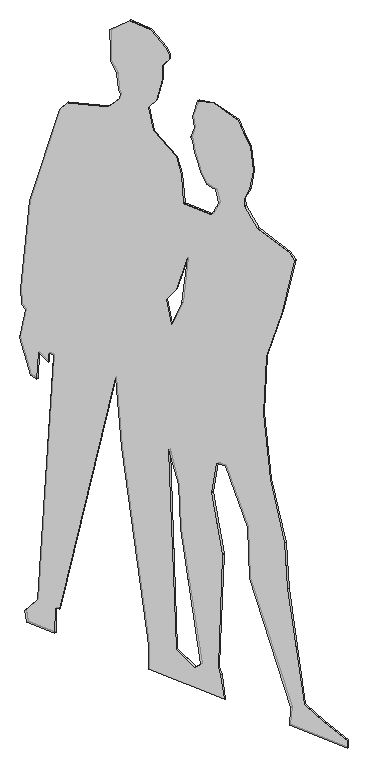
Revit family "ADSK_Антураж_ГруппаЛюдей_07", category Антураж, Revit 2019
Family settings
  На основе рабочей плоскости = Нет
  Всегда вертикально = Да
  При загрузке вырезать с полостями = Нет
  Источник визуального образа = Геометрия семейства
  Общий = Нет
  Точка расчета площади = Нет
Parameters (values of type "Тип")
  Показать чертеж [instance] = yes
  Высота = 0 mm
  Материал = Антураж
  ADSK_Версия семейства = "1.0"  # constant formula
  ADSK_Версия Revit = "v2019"  # constant formula
Reference planes
  plane 1 "Center (Front/Back)": y = 0
  plane 2: z = 0
  plane 3 "Center (Left/Right)": x = 0
  plane 4: z = 1600
Forms (mm)
  Extrusion 1, solid, material "Антураж" <- "Материал"
    sketch origin (0, 0, 0) x (1, 0, 0) y (0, 0, 1)
      loop
        line (-473.09, 772.206) -> (-440.831, 679.926) -> (-420.407, 675.402) -> (-415.246, 750.58) -> (-386.397, 733.578) -> (-386.108, 758.336) -> (-369.284, 758.336) -> (-419.172, 74.157) -> (-456.966, 30.113) -> (-451.1, 0) -> (-365.412, 0) -> (-365.011, 69.64) -> (-352.207, 70.799) -> (-181.751, 764.529) -> (-162.935, 580.976) -> (-81.291, 67.645) -> (-81.291, 0) -> (151.272, 0) -> (140.501, 64.623) -> (133.882, 81.702) -> (146.698, 396.993) -> (113.574, 554.697) -> (129.11, 638.342) -> (154.38, 640.413) -> (221.282, 495.458) -> (228.725, 358.543) -> (354.329, 50.942) -> (349.389, 0) -> (526.072, 0) -> (526.072, 20.182) -> (454.323, 48.469) -> (395.342, 74.012) -> (345.147, 371.592) -> (336.385, 494.4) -> (291.293, 651.639) -> (269.751, 823.969) -> (280.522, 985.532) -> (328.991, 1125.553) -> (366.689, 1276.345) -> (350.533, 1292.501) -> (253.595, 1324.814) -> (214.488, 1371.42) -> (211.639, 1392.831) -> (229.004, 1423.219) -> (240.558, 1479.889) -> (231.105, 1540.755) -> (210.511, 1572.543) -> (194.355, 1599.471) -> (118.959, 1621.013) -> (70.49, 1610.241) -> (54.334, 1561.773) -> (59.961, 1533.635) -> (48.949, 1502.533) -> (54.334, 1491.762) -> (59.719, 1464.834) -> (81.261, 1410.981) -> (96.72, 1390.369) -> (116.032, 1385.541) -> (126.032, 1385.541) -> (135.115, 1351.741) -> (113.574, 1314.043) -> (28.349, 1314.043) -> (21.258, 1391.213) -> (5.082, 1433.306) -> (-64.853, 1479.835) -> (-80.521, 1538.138) -> (-55.739, 1567.348) -> (-38.349, 1629.526) -> (-37.912, 1667.07) -> (-17.164, 1692.337) -> (-17.164, 1702.3) -> (-26.105, 1718.409) -> (-74.51, 1754.709) -> (-136.883, 1755.435) -> (-197.845, 1709.22) -> (-196.179, 1652.316) -> (-196.522, 1622.796) -> (-176.337, 1597.799) -> (-172.322, 1553.445) -> (-165.127, 1546.25) -> (-169.215, 1531.364) -> (-202.259, 1498.101) -> (-327.868, 1466.23) -> (-352.965, 1437.474) -> (-443.87, 1155.199) -> (-471.538, 905.521) -> (-468.217, 863.578) -> (-455.456, 855.334) -> (-473.09, 772.206)
      loop
        line (61.307, 57.542) -> (80.051, 71.449) -> (16.636, 420.062) -> (11.251, 538.541) -> (-17.728, 625.479) -> (5.626, 87.267) -> (61.307, 57.542)
      loop
        line (-10.573, 968.764) -> (22.021, 1039.386) -> (38.178, 1168.636) -> (5.865, 1071.698) -> (-26.274, 1032.418) -> (-10.573, 968.764)
    from 0 to 5
Lines and regions (mm)
  model lines
    curve 1: line (0, 150, 0) -> (0, -150, 0)
    curve 2: line (-150, 0, 0) -> (150, 0, 0)
Dimensions and locks
  aligned and locked: level to plane 2
